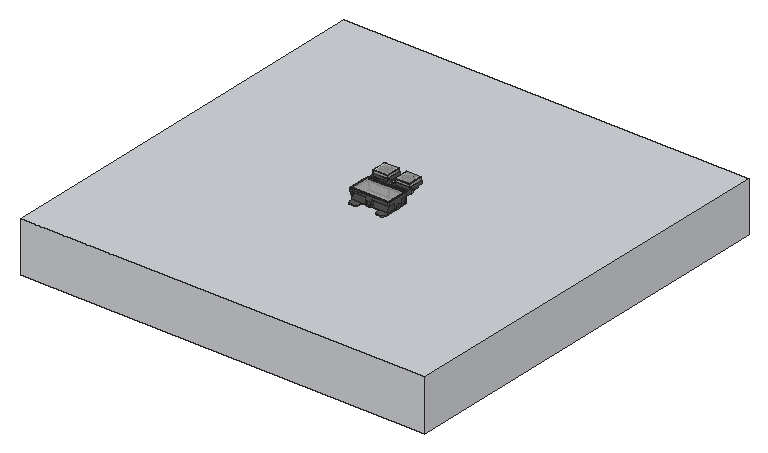
Revit family "Legrand Eclairage de Séurité_Bloc a Phare-SATI", category Luminaires, Revit 2021
Family settings
  Hôte = Face
  Cote de connecteur circulaire = Utiliser le diamètre
  Type d'élément = Normal
  Couper avec des vides une fois chargée = Non
  Source d'éclairage = Non
  Partagée = Non
  Repere pour localisation dans la piece = Non
Parameters (values of type "BAP Sati Connectable 2500 lm")
  état des accus = "Lithium-ion"
  source lumineuse = "LED non interchangeable"
  capacité des bornes = "1,5-2,5 mm2"
  URL = "https://www.legrand.fr/reference/062533/pro"
  Type de pictogramme = "autre"
  Type de connexion = "autre"
  Type de commutation = "Non permanent"
  Tension = "230 VAC"
  Temperature d'utilisation MIN-MAX = "0°C +35°C"
  Système de contrôle = "Auto-test automatique"
  Référence / Modèle = "062533"
  Puissance du système = 1 W
  Poids = ""
  Objet Connecté = no
  Mode de pose = "Montage en saillie (mur)"
  Matière = "Plastique"
  Longueur = 285.5 mm
  Long = 285.5 mm
  Largeur = 240 mm
  Large = 240 mm
  IP = "65"
  IK = "07"
  Hauteur = 93.5 mm
  Fréquence = "50/60 Hz"
  Fonction = "Éclairage d'évacuation et d'ambiance"
  Flux lumineux utile = 2500 lm
  Fabricant = "Legrand"
  Elévation par défaut = 2300 mm
  Description Produit = "BAES 2 PHARES LEDS IP65 2500 LM 1H EVACUATION / AMBIANCE SATI CONNECTABLE"
  Couleur = "Noir"
  Consommation en veille = 0 A
  Conditions Générale d'Utilisation = "https://export.legrand.com/CGU-objets-BIM"
  Code EAN = "3414972655989"
  Classe de protection = "II"
  Classe ETIM = "EC001957-Luminaire d'éclairage de sécurité"
  Batterie de rechange = "2 x 660977"
  Autonomie = "1 H"
  Alimentation de secours = "Autonome (batterie individuelle)"
  Adressable = no
  2 phares = yes
  1 phare = no
Types (4, lengths in mm): name | URL | Référence / Modèle | Puissance du système | Longueur | Long | Largeur | Large | Flux lumineux utile | Description Produit | Code EAN | Batterie de rechange | Adressable | 2 phares | 1 phare
  (no name) | "https://www.legrand.fr/reference/062533/pro" | "062533" | 1 W | 285.5 | 285.5 | 240 | 240 | 2500 lm | "BAES 2 PHARES LEDS IP65 2500 LM 1H EVACUATION / AMBIANCE SATI CONNECTABLE" | "3414972655989" | "2 x 660977" | no | yes | no
  BAP Sati Connectable 2500 lm | "https://www.legrand.fr/reference/062533/pro" | "062533" | 1 W | 285.5 | 285.5 | 240 | 240 | 2500 lm | "BAES 2 PHARES LEDS IP65 2500 LM 1H EVACUATION / AMBIANCE SATI CONNECTABLE" | "3414972655989" | "2 x 660977" | no | yes | no
  BAP Sati Adressable 1000 lm | "https://www.legrand.fr/reference/062631/pro" | "062631" | 0.8 W | 408.5 | 408.5 | 137 | 137 | 1000 lm | "BAES 1 PHARE LEDS IP65 1000 LM 1H EVACUATION / AMBIANCE SATI ADRESSABLE" | "3414972655996" | "660976" | yes | no | yes
  BAP Sati Adressable 2500 lm | "https://www.legrand.fr/reference/062633/pro" | "062633" | 1 W | 285.5 | 285.5 | 240 | 240 | 2500 lm | "BAES 2 PHARES LEDS IP65 2500 LM 1H EVACUATION / AMBIANCE SATI ADRESSABLE" | "3414972656009" | "2 x 660977" | yes | yes | no
Reference planes
  plane 1 "Centre (avant/arrière)": y = 0
  plane 2 "Connecteur": z = 0
  plane 3 "Centre (gauche/droite)": x = 0
  plane 4: y = 142.75
  plane 5: y = -142.75
  plane 6: x = -120
  plane 7: x = 120
Forms (mm)
  Extrusion 1, solid
    sketch origin (0, 0, 0) x (1, 0, 0) y (0, 1, 0)
      loop
        line (-1219.2, 1219.2) -> (-1219.2, -1219.2) -> (1219.2, -1219.2) -> (1219.2, 1219.2) -> (-1219.2, 1219.2)
    from 0 to -304.8
  Extrusion 2, solid, material "LEGRAND - Plastique noir", visible <- "1 phare"
    sketch origin (0, 0, 0) x (1, 0, 0) y (0, 1, 0)
      loop
        line (65.058, 89.327) -> (26.827, 89.327) -> (21.015, 115.516) -> (-21.015, 115.516) -> (-26.82, 89.327) -> (-65.058, 89.327) -> (-65.058, 45.28) -> (-58.5, 38.722) -> (-58.5, -23.048) -> (-51.942, -29.606) -> (-51.942, -89.488) -> (-58.5, -96.045) -> (-58.5, -157.983) -> (-65.058, -164.541) -> (-65.058, -194.25)
        arc (-65.058, -194.25) -> (-62.129, -201.321) -> (-55.058, -204.25) r 10
        line (-55.058, -204.25) -> (55.058, -204.25)
        arc (55.058, -204.25) -> (62.129, -201.321) -> (65.058, -194.25) r 10
        line (65.058, -194.25) -> (65.058, -164.541) -> (58.5, -157.983) -> (58.5, -96.045) -> (51.942, -89.488) -> (51.942, -29.606) -> (58.5, -23.048) -> (58.5, 38.722) -> (65.058, 45.28) -> (65.058, 89.327)
    from 0 to 1.498
  Extrusion 3, solid, material "LEGRAND - Plastique noir", visible <- "1 phare"
    sketch origin (0, 0, 0) x (0, 1, 0) y (0, 0, 1)
      loop
        line (-89.488, 1.497) -> (-29.605, 1.497) -> (-29.605, 2.894)
        arc (-29.605, 2.894) -> (-30.777, 5.722) -> (-33.605, 6.894) r 4
        line (-33.605, 6.894) -> (-85.488, 6.894)
        arc (-85.488, 6.894) -> (-88.316, 5.722) -> (-89.488, 2.894) r 4
        line (-89.488, 2.894) -> (-89.488, 1.497)
    from -51.942 to -50.4
  Extrusion 4, solid, material "LEGRAND - Plastique noir", visible <- "1 phare"
    sketch origin (0, 0, 0) x (0, 1, 0) y (0, 0, -1)
      loop
        line (-89.488, -1.497) -> (-89.488, -2.894)
        arc (-89.488, -2.894) -> (-88.316, -5.722) -> (-85.488, -6.894) r 4
        line (-85.488, -6.894) -> (-33.605, -6.894)
        arc (-33.605, -6.894) -> (-30.777, -5.722) -> (-29.605, -2.894) r 4
        line (-29.605, -2.894) -> (-29.605, -1.497) -> (-89.488, -1.497)
    from -51.942 to -50.4
  Extrusion 5, solid, material "LEGRAND - Plastique noir", visible <- "1 phare"
    sketch origin (0, 0, 0) x (1, 0, 0) y (0, 0, 1)
      loop
        line (-65.058, 56.477) -> (-65.058, 0) -> (-39.058, 0) -> (-39.058, 41.496) -> (39.058, 41.496) -> (39.058, 0) -> (65.058, 0) -> (65.058, 56.477)
        arc (65.058, 56.477) -> (62.129, 63.548) -> (55.058, 66.477) r 10
        line (55.058, 66.477) -> (-55.058, 66.477)
        arc (-55.058, 66.477) -> (-62.129, 63.548) -> (-65.058, 56.477) r 10
    from -89.327 to -87.8
  Extrusion 6, solid, material "LEGRAND - Plastique noir 31", visible <- "2 phares"
    sketch origin (0, 0, 0) x (1, 0, 0) y (0, 1, 0)
      loop
        arc (-15.001, 53.249) -> (-21.506, 51.504) -> (-26.265, 46.738) r 13
        line (-26.265, 46.738) -> (-40.948, 21.251) -> (-50.001, 21.251) -> (-50.001, 27.827) -> (-110.002, 27.827) -> (-110.002, -120.787) -> (-104.64, -135.514)
        arc (-104.64, -135.514) -> (-100.612, -140.761) -> (-94.304, -142.75) r 11
        line (-94.304, -142.75) -> (-69.705, -142.75)
        arc (-69.705, -142.75) -> (-63.396, -140.76) -> (-59.368, -135.511) r 11
        line (-59.368, -135.511) -> (-47.811, -103.746) -> (47.803, -103.746) -> (59.361, -135.511)
        arc (59.361, -135.511) -> (63.388, -140.76) -> (69.698, -142.75) r 11
        line (69.698, -142.75) -> (94.294, -142.75)
        arc (94.294, -142.75) -> (100.603, -140.761) -> (104.63, -135.514) r 11
        line (104.63, -135.514) -> (110, -120.766) -> (110, 27.827) -> (49.999, 27.827) -> (49.999, 21.251) -> (40.977, 21.251) -> (26.251, 46.75)
        arc (26.251, 46.75) -> (21.492, 51.508) -> (14.993, 53.249) r 13
        line (14.993, 53.249) -> (-15.001, 53.249)
    from 0 to 1.498
  Extrusion 7, solid, material "LEGRAND - Plastique noir 31", visible <- "2 phares"
    sketch origin (0, 0, 0) x (1, 0, 0) y (0, 0, 1)
      loop
        line (19, 1.498) -> (19, 3.894)
        arc (19, 3.894) -> (18.121, 6.015) -> (16, 6.894) r 3
        line (16, 6.894) -> (-16, 6.894)
        arc (-16, 6.894) -> (-18.121, 6.015) -> (-19, 3.894) r 3
        line (-19, 3.894) -> (-19, 1.498) -> (19, 1.498)
    from 102.251 to 103.746
  Extrusion 8, solid, material "LEGRAND - Plastique noir 31", visible <- "2 phares"
    sketch origin (0, 0, 0) x (1, 0, 0) y (0, 0, 1)
      loop
        line (19, 1.498) -> (19, 3.894)
        arc (19, 3.894) -> (18.121, 6.015) -> (16, 6.894) r 3
        line (16, 6.894) -> (-16, 6.894)
        arc (-16, 6.894) -> (-18.121, 6.015) -> (-19, 3.894) r 3
        line (-19, 3.894) -> (-19, 1.498) -> (19, 1.498)
    from -6.251 to -4.8
  Extrusion 9, solid, material "LEGRAND - Plastique noir 31", visible <- "2 phares"
    sketch origin (0, 0, 0) x (1, 0, 0) y (0, 0, 1)
      loop
        line (-110.002, 1.498) -> (-50.001, 1.498) -> (-50.001, 15.498) -> (-59.49, 60.14)
        arc (-59.49, 60.14) -> (-62.28, 64.694) -> (-67.315, 66.477) r 8
        line (-67.315, 66.477) -> (-92.688, 66.477)
        arc (-92.688, 66.477) -> (-97.723, 64.694) -> (-100.513, 60.14) r 8
        line (-100.513, 60.14) -> (-110.002, 15.498) -> (-110.002, 1.498)
      loop
        line (110.002, 1.498) -> (110.002, 15.498) -> (100.513, 60.14)
        arc (100.513, 60.14) -> (97.723, 64.694) -> (92.688, 66.477) r 8
        line (92.688, 66.477) -> (67.315, 66.477)
        arc (67.315, 66.477) -> (62.28, 64.694) -> (59.49, 60.14) r 8
        line (59.49, 60.14) -> (50.001, 15.498) -> (50.001, 1.498) -> (110.002, 1.498)
    from -27.827 to -26.255
  Extrusion 10, solid, material "LEGRAND - Plastique noir 31", visible <- "2 phares", not visible
    sketch origin (0, 0, 0) x (1, 0, 0) y (0, 1, 0)
      loop
        arc (-15.001, 53.249) -> (-21.506, 51.504) -> (-26.265, 46.738) r 13
        line (-26.265, 46.738) -> (-40.948, 21.251) -> (-50.001, 21.251) -> (-50.001, 27.827) -> (-110.002, 27.827) -> (-110.002, -120.787) -> (-104.64, -135.514)
        arc (-104.64, -135.514) -> (-100.612, -140.761) -> (-94.304, -142.75) r 11
        line (-94.304, -142.75) -> (-69.705, -142.75)
        arc (-69.705, -142.75) -> (-63.396, -140.76) -> (-59.368, -135.511) r 11
        line (-59.368, -135.511) -> (-47.811, -103.746) -> (47.803, -103.746) -> (59.361, -135.511)
        arc (59.361, -135.511) -> (63.388, -140.76) -> (69.698, -142.75) r 11
        line (69.698, -142.75) -> (94.294, -142.75)
        arc (94.294, -142.75) -> (100.603, -140.761) -> (104.63, -135.514) r 11
        line (104.63, -135.514) -> (110, -120.766) -> (110, 27.827) -> (49.999, 27.827) -> (49.999, 21.251) -> (40.977, 21.251) -> (26.251, 46.75)
        arc (26.251, 46.75) -> (21.492, 51.508) -> (14.993, 53.249) r 13
        line (14.993, 53.249) -> (-15.001, 53.249)
    from 0 to 1.498
  Extrusion 11, solid, material "LEGRAND - Plastique noir 31", visible <- "2 phares", not visible
    sketch origin (0, 0, 0) x (1, 0, 0) y (0, 0, 1)
      loop
        line (19, 1.498) -> (19, 3.894)
        arc (19, 3.894) -> (18.121, 6.015) -> (16, 6.894) r 3
        line (16, 6.894) -> (-16, 6.894)
        arc (-16, 6.894) -> (-18.121, 6.015) -> (-19, 3.894) r 3
        line (-19, 3.894) -> (-19, 1.498) -> (19, 1.498)
    from 102.251 to 103.746
  Extrusion 12, solid, material "LEGRAND - Plastique noir 31", visible <- "2 phares", not visible
    sketch origin (0, 0, 0) x (1, 0, 0) y (0, 0, 1)
      loop
        line (19, 1.498) -> (19, 3.894)
        arc (19, 3.894) -> (18.121, 6.015) -> (16, 6.894) r 3
        line (16, 6.894) -> (-16, 6.894)
        arc (-16, 6.894) -> (-18.121, 6.015) -> (-19, 3.894) r 3
        line (-19, 3.894) -> (-19, 1.498) -> (19, 1.498)
    from -6.251 to -4.8
  Extrusion 13, solid, material "LEGRAND - Plastique noir 31", visible <- "2 phares", not visible
    sketch origin (0, 0, 0) x (1, 0, 0) y (0, 0, 1)
      loop
        line (-110.002, 1.498) -> (-50.001, 1.498) -> (-50.001, 15.498) -> (-59.49, 60.14)
        arc (-59.49, 60.14) -> (-62.28, 64.694) -> (-67.315, 66.477) r 8
        line (-67.315, 66.477) -> (-92.688, 66.477)
        arc (-92.688, 66.477) -> (-97.723, 64.694) -> (-100.513, 60.14) r 8
        line (-100.513, 60.14) -> (-110.002, 15.498) -> (-110.002, 1.498)
      loop
        line (110.002, 1.498) -> (110.002, 15.498) -> (100.513, 60.14)
        arc (100.513, 60.14) -> (97.723, 64.694) -> (92.688, 66.477) r 8
        line (92.688, 66.477) -> (67.315, 66.477)
        arc (67.315, 66.477) -> (62.28, 64.694) -> (59.49, 60.14) r 8
        line (59.49, 60.14) -> (50.001, 15.498) -> (50.001, 1.498) -> (110.002, 1.498)
    from -27.827 to -26.255
  Extrusion 14, solid, material "LEGRAND - Plastique noir", visible <- "1 phare", not visible
    sketch origin (0, 0, 0) x (1, 0, 0) y (0, 1, 0)
      loop
        line (65.058, 89.327) -> (26.827, 89.327) -> (21.015, 115.516) -> (-21.015, 115.516) -> (-26.82, 89.327) -> (-65.058, 89.327) -> (-65.058, 45.28) -> (-58.5, 38.722) -> (-58.5, -23.048) -> (-51.942, -29.606) -> (-51.942, -89.488) -> (-58.5, -96.045) -> (-58.5, -157.983) -> (-65.058, -164.541) -> (-65.058, -194.25)
        arc (-65.058, -194.25) -> (-62.129, -201.321) -> (-55.058, -204.25) r 10
        line (-55.058, -204.25) -> (55.058, -204.25)
        arc (55.058, -204.25) -> (62.129, -201.321) -> (65.058, -194.25) r 10
        line (65.058, -194.25) -> (65.058, -164.541) -> (58.5, -157.983) -> (58.5, -96.045) -> (51.942, -89.488) -> (51.942, -29.606) -> (58.5, -23.048) -> (58.5, 38.722) -> (65.058, 45.28) -> (65.058, 89.327)
    from 0 to 1.498
  Extrusion 15, solid, material "LEGRAND - Plastique noir", visible <- "1 phare", not visible
    sketch origin (0, 0, 0) x (0, 1, 0) y (0, 0, 1)
      loop
        line (-89.488, 1.497) -> (-29.605, 1.497) -> (-29.605, 2.894)
        arc (-29.605, 2.894) -> (-30.777, 5.722) -> (-33.605, 6.894) r 4
        line (-33.605, 6.894) -> (-85.488, 6.894)
        arc (-85.488, 6.894) -> (-88.316, 5.722) -> (-89.488, 2.894) r 4
        line (-89.488, 2.894) -> (-89.488, 1.497)
    from -51.942 to -50.4
  Extrusion 16, solid, material "LEGRAND - Plastique noir", visible <- "1 phare", not visible
    sketch origin (0, 0, 0) x (0, 1, 0) y (0, 0, -1)
      loop
        line (-89.488, -1.497) -> (-89.488, -2.894)
        arc (-89.488, -2.894) -> (-88.316, -5.722) -> (-85.488, -6.894) r 4
        line (-85.488, -6.894) -> (-33.605, -6.894)
        arc (-33.605, -6.894) -> (-30.777, -5.722) -> (-29.605, -2.894) r 4
        line (-29.605, -2.894) -> (-29.605, -1.497) -> (-89.488, -1.497)
    from -51.942 to -50.4
  Extrusion 17, solid, material "LEGRAND - Plastique noir", visible <- "1 phare", not visible
    sketch origin (0, 0, 0) x (1, 0, 0) y (0, 0, 1)
      loop
        line (-65.058, 56.477) -> (-65.058, 0) -> (-39.058, 0) -> (-39.058, 41.496) -> (39.058, 41.496) -> (39.058, 0) -> (65.058, 0) -> (65.058, 56.477)
        arc (65.058, 56.477) -> (62.129, 63.548) -> (55.058, 66.477) r 10
        line (55.058, 66.477) -> (-55.058, 66.477)
        arc (-55.058, 66.477) -> (-62.129, 63.548) -> (-65.058, 56.477) r 10
    from -89.327 to -87.8
Cuts and joins
  joined: Extrusion 2, Extrusion 3, Extrusion 4, Extrusion 5
  joined: Extrusion 6, Extrusion 7, Extrusion 9
Dimensions and locks
  equal spacing: plane 4, plane 1 "Centre (avant/arrière)", plane 5
  "Long": plane 4 to plane 5
  equal spacing: plane 6, plane 3 "Centre (gauche/droite)", plane 7
  "Large": plane 6 to plane 7
  aligned and locked: plane 2 "Connecteur" to Extrusion 1
  aligned and locked: level to Extrusion 1
Automatic sketch dimensions
  Extrusion 2 sketch curve to Extrusion 2 sketch curve = 6.558 mm  (x14)
  Extrusion 2 sketch curve to Extrusion 2 sketch curve = 5.812 mm
  Extrusion 2 sketch curve to Extrusion 2 sketch curve = 29.709 mm  (x2)
  Extrusion 2 sketch curve to Extrusion 2 sketch curve = 61.938 mm  (x2)
  Extrusion 2 sketch curve to Extrusion 2 sketch curve = 44.048 mm  (x2)
  Extrusion 2 sketch curve to Extrusion 2 sketch curve = 26.189 mm
  Extrusion 3 sketch curve to Extrusion 3 sketch curve = 4 mm  (x2)
  Extrusion 4 sketch curve to Extrusion 4 sketch curve = 4 mm  (x2)
  Extrusion 5 sketch curve to Extrusion 5 sketch curve = 26 mm  (x2)
  Extrusion 5 sketch curve to Extrusion 5 sketch curve = 41.496 mm  (x2)
  Extrusion 5 sketch curve to Extrusion 5 sketch curve = 14.981 mm
  Extrusion 5 sketch curve to Extrusion 5 sketch curve = 10 mm
  Extrusion 2 sketch curve to Extrusion 2 sketch curve = 0 mm
  Extrusion 2 sketch curve to Extrusion 2 sketch curve = 10 mm  (x2)
  Extrusion 2 sketch curve to Extrusion 2 sketch curve = 38.238 mm
  Extrusion 2 sketch curve to Extrusion 2 sketch curve = 5.805 mm
  Extrusion 2 sketch curve to Extrusion 2 sketch curve = 42.03 mm
  Extrusion 2 sketch curve to Extrusion 2 sketch curve = 103.885 mm
  Extrusion 2 sketch curve to Extrusion 2 sketch curve = 3.442 mm
  Extrusion 2 sketch curve to Extrusion 2 sketch curve = 59.882 mm  (x2)
  Extrusion 2 sketch curve to Extrusion 2 sketch curve = 61.77 mm  (x2)
  Extrusion 3 sketch curve to Extrusion 3 sketch curve = 51.883 mm
  Extrusion 3 sketch curve to Extrusion 3 sketch curve = 1.397 mm
  Extrusion 4 sketch curve to Extrusion 4 sketch curve = 51.883 mm
  Extrusion 4 sketch curve to Extrusion 4 sketch curve = 1.397 mm
  Extrusion 5 sketch curve to Extrusion 5 sketch curve = 78.115 mm
  Extrusion 5 sketch curve to Extrusion 5 sketch curve = 16 mm
  Extrusion 1 sketch curve to Extrusion 1 sketch curve = 2438.4 mm  (x2)
  Extrusion 6 sketch curve to Extrusion 6 sketch curve = 24.598 mm
  Extrusion 6 sketch curve to Extrusion 6 sketch curve = 11.558 mm  (x2)
  Extrusion 6 sketch curve to Extrusion 6 sketch curve = 9.053 mm
  Extrusion 6 sketch curve to Extrusion 6 sketch curve = 11.264 mm
  Extrusion 6 sketch curve to Extrusion 6 sketch curve = 11.257 mm
  Extrusion 6 sketch curve to Extrusion 6 sketch curve = 14.726 mm
  Extrusion 6 sketch curve to Extrusion 6 sketch curve = 9.022 mm
  Extrusion 6 sketch curve to Extrusion 6 sketch curve = 10.337 mm  (x2)
  Extrusion 6 sketch curve to Extrusion 6 sketch curve = 24.596 mm
  Extrusion 6 sketch curve to Extrusion 6 sketch curve = 14.727 mm
  Extrusion 6 sketch curve to Extrusion 6 sketch curve = 14.748 mm
  Extrusion 6 sketch curve to Extrusion 6 sketch curve = 6.576 mm  (x2)
  Extrusion 6 sketch curve to Extrusion 6 sketch curve = 18.997 mm
  Extrusion 6 sketch curve to Extrusion 6 sketch curve = 0 mm  (x3)
  Extrusion 6 sketch curve to Extrusion 6 sketch curve = 6.489 mm
  Extrusion 7 sketch curve to Extrusion 7 sketch curve = 3 mm  (x2)
  Extrusion 8 sketch curve to Extrusion 8 sketch curve = 3 mm  (x2)
  Extrusion 6 sketch curve to Extrusion 6 sketch curve = 31.765 mm
  Extrusion 9 sketch curve to Extrusion 9 sketch curve = 7.825 mm  (x4)
  Extrusion 9 sketch curve to Extrusion 9 sketch curve = 9.489 mm  (x4)
  Extrusion 9 sketch curve to Extrusion 9 sketch curve = 25.373 mm  (x2)
  Extrusion 9 sketch curve to Extrusion 9 sketch curve = 14 mm  (x4)
  Extrusion 9 sketch curve to Extrusion 9 sketch curve = 42.979 mm  (x2)
  Extrusion 9 sketch curve to Extrusion 9 sketch curve = 0 mm  (x3)
  Extrusion 9 sketch curve to Extrusion 9 sketch curve = 1.663 mm  (x2)
  Extrusion 6 sketch curve to Extrusion 6 sketch curve = 5.362 mm
  Extrusion 6 sketch curve to Extrusion 6 sketch curve = 10.336 mm  (x2)
  Extrusion 6 sketch curve to Extrusion 6 sketch curve = 60.002 mm
  Extrusion 6 sketch curve to Extrusion 6 sketch curve = 14.683 mm
  Extrusion 6 sketch curve to Extrusion 6 sketch curve = 29.994 mm
  Extrusion 6 sketch curve to Extrusion 6 sketch curve = 95.613 mm
  Extrusion 6 sketch curve to Extrusion 6 sketch curve = 60.001 mm
  Extrusion 6 sketch curve to Extrusion 6 sketch curve = 7.236 mm  (x2)
  Extrusion 6 sketch curve to Extrusion 6 sketch curve = 7.239 mm  (x2)
  Extrusion 6 sketch curve to Extrusion 6 sketch curve = 124.998 mm
  Extrusion 7 sketch curve to Extrusion 7 sketch curve = 32 mm
  Extrusion 7 sketch curve to Extrusion 7 sketch curve = 2.396 mm
  Extrusion 8 sketch curve to Extrusion 8 sketch curve = 32 mm
  Extrusion 8 sketch curve to Extrusion 8 sketch curve = 2.396 mm
  Extrusion 9 sketch curve to Extrusion 9 sketch curve = 100.001 mm
  Extrusion 10 sketch curve to Extrusion 10 sketch curve = 24.598 mm
  Extrusion 10 sketch curve to Extrusion 10 sketch curve = 11.558 mm  (x2)
  Extrusion 10 sketch curve to Extrusion 10 sketch curve = 9.053 mm
  Extrusion 10 sketch curve to Extrusion 10 sketch curve = 11.264 mm
  Extrusion 10 sketch curve to Extrusion 10 sketch curve = 11.257 mm
  Extrusion 10 sketch curve to Extrusion 10 sketch curve = 14.726 mm
  Extrusion 10 sketch curve to Extrusion 10 sketch curve = 9.022 mm
  Extrusion 10 sketch curve to Extrusion 10 sketch curve = 10.337 mm  (x2)
  Extrusion 10 sketch curve to Extrusion 10 sketch curve = 24.596 mm
  Extrusion 10 sketch curve to Extrusion 10 sketch curve = 14.727 mm
  Extrusion 10 sketch curve to Extrusion 10 sketch curve = 14.748 mm
  Extrusion 10 sketch curve to Extrusion 10 sketch curve = 6.576 mm  (x2)
  Extrusion 10 sketch curve to Extrusion 10 sketch curve = 18.997 mm
  Extrusion 10 sketch curve to Extrusion 10 sketch curve = 0 mm  (x3)
  Extrusion 10 sketch curve to Extrusion 10 sketch curve = 6.489 mm
  Extrusion 11 sketch curve to Extrusion 11 sketch curve = 3 mm  (x2)
  Extrusion 12 sketch curve to Extrusion 12 sketch curve = 3 mm  (x2)
  Extrusion 10 sketch curve to Extrusion 10 sketch curve = 31.765 mm
  Extrusion 13 sketch curve to Extrusion 13 sketch curve = 7.825 mm  (x4)
  Extrusion 13 sketch curve to Extrusion 13 sketch curve = 9.489 mm  (x4)
  Extrusion 13 sketch curve to Extrusion 13 sketch curve = 25.373 mm  (x2)
  Extrusion 13 sketch curve to Extrusion 13 sketch curve = 14 mm  (x4)
  Extrusion 13 sketch curve to Extrusion 13 sketch curve = 42.979 mm  (x2)
  Extrusion 13 sketch curve to Extrusion 13 sketch curve = 0 mm  (x3)
  Extrusion 13 sketch curve to Extrusion 13 sketch curve = 1.663 mm  (x2)
  Extrusion 10 sketch curve to Extrusion 10 sketch curve = 5.362 mm
  Extrusion 10 sketch curve to Extrusion 10 sketch curve = 10.336 mm  (x2)
  Extrusion 10 sketch curve to Extrusion 10 sketch curve = 60.002 mm
  Extrusion 10 sketch curve to Extrusion 10 sketch curve = 14.683 mm
  Extrusion 10 sketch curve to Extrusion 10 sketch curve = 29.994 mm
  Extrusion 10 sketch curve to Extrusion 10 sketch curve = 95.613 mm
  Extrusion 10 sketch curve to Extrusion 10 sketch curve = 60.001 mm
  Extrusion 10 sketch curve to Extrusion 10 sketch curve = 7.236 mm  (x2)
  Extrusion 10 sketch curve to Extrusion 10 sketch curve = 7.239 mm  (x2)
  Extrusion 10 sketch curve to Extrusion 10 sketch curve = 124.998 mm
  Extrusion 11 sketch curve to Extrusion 11 sketch curve = 32 mm
  Extrusion 11 sketch curve to Extrusion 11 sketch curve = 2.396 mm
  Extrusion 12 sketch curve to Extrusion 12 sketch curve = 32 mm
  Extrusion 12 sketch curve to Extrusion 12 sketch curve = 2.396 mm
  Extrusion 13 sketch curve to Extrusion 13 sketch curve = 100.001 mm
  Extrusion 14 sketch curve to Extrusion 14 sketch curve = 6.558 mm  (x14)
  Extrusion 14 sketch curve to Extrusion 14 sketch curve = 5.812 mm
  Extrusion 14 sketch curve to Extrusion 14 sketch curve = 29.709 mm  (x2)
  Extrusion 14 sketch curve to Extrusion 14 sketch curve = 61.938 mm  (x2)
  Extrusion 14 sketch curve to Extrusion 14 sketch curve = 44.048 mm  (x2)
  Extrusion 14 sketch curve to Extrusion 14 sketch curve = 26.189 mm
  Extrusion 15 sketch curve to Extrusion 15 sketch curve = 4 mm  (x2)
  Extrusion 16 sketch curve to Extrusion 16 sketch curve = 4 mm  (x2)
  Extrusion 17 sketch curve to Extrusion 17 sketch curve = 26 mm  (x2)
  Extrusion 17 sketch curve to Extrusion 17 sketch curve = 41.496 mm  (x2)
  Extrusion 17 sketch curve to Extrusion 17 sketch curve = 14.981 mm
  Extrusion 17 sketch curve to Extrusion 17 sketch curve = 10 mm
  Extrusion 14 sketch curve to Extrusion 14 sketch curve = 0 mm
  Extrusion 14 sketch curve to Extrusion 14 sketch curve = 10 mm  (x2)
  Extrusion 14 sketch curve to Extrusion 14 sketch curve = 38.238 mm
  Extrusion 14 sketch curve to Extrusion 14 sketch curve = 5.805 mm
  Extrusion 14 sketch curve to Extrusion 14 sketch curve = 42.03 mm
  Extrusion 14 sketch curve to Extrusion 14 sketch curve = 103.885 mm
  Extrusion 14 sketch curve to Extrusion 14 sketch curve = 3.442 mm
  Extrusion 14 sketch curve to Extrusion 14 sketch curve = 59.882 mm  (x2)
  Extrusion 14 sketch curve to Extrusion 14 sketch curve = 61.77 mm  (x2)
  Extrusion 15 sketch curve to Extrusion 15 sketch curve = 51.883 mm
  Extrusion 15 sketch curve to Extrusion 15 sketch curve = 1.397 mm
  Extrusion 16 sketch curve to Extrusion 16 sketch curve = 51.883 mm
  Extrusion 16 sketch curve to Extrusion 16 sketch curve = 1.397 mm
  Extrusion 17 sketch curve to Extrusion 17 sketch curve = 78.115 mm
  Extrusion 17 sketch curve to Extrusion 17 sketch curve = 16 mm
Nested families
  nested 1: "Phare" at (0, 159.782, 36.3), visible <- "1 phare", type "Phare"
  nested 2: "Pas de picto" at (0, 0, 52.5) x (-1, 0, 0) z (0, -1, 0), type "Pas de picto"
  nested 3: "Bloc" at (0, -59.77, 6.894), visible <- "1 phare", type "Bloc"
  nested 4: "Phare" at (-65.969, 98.282, 36.3), visible <- "2 phares", type "Phare"
  nested 5: "Bloc" at (0, -48.751, 6.894) x (0, 1, 0) z (0, 0, 1), visible <- "2 phares", type "Bloc"
  nested 6: "Phare" at (65.969, 98.282, 36.3) x (-1, 0, 0) z (0, 0, 1), visible <- "2 phares", type "Phare"
Connectors
  electrical at (0, 0, 0)
    settings: index 1, voltage 0 V, apparent load 0 VA, apparent load phase1 0 VA, apparent load phase2 0 VA, apparent load phase3 0 VA, power factor 1, load classification "Autre", number of poles 1, system type 31, power factor state 1, is connector primary yes, connector utility no, sub classification motor no, connector description ""
Definition of nested family "Phare"
  Parameters (values of type "Phare1")
    URL = "IDS_URL_EXPORT"
    IDS_TYPE_ACCESSOIRE = "IDS_BOITIER_PROTECTION"
    IDS_DESIGNATION_PRODUIT = "IDS_ACCESSOIRE_COFFRET_ETANCHE_IP65_POUR_BAES_U22RECT"
    Manufacturer = "LEGRAND"
    Default Elevation = 0 mm
  Reference planes
    plane 1 "Centre (avant/arrière)": y = 0
    plane 2: z = 0
    plane 3 "Centre (gauche/droite)": x = 0
    plane 4: z = 57.16
    plane 5: z = 37.672
    plane 6: z = 22.181
    plane 7: x = -44.472
    plane 8: x = 44.466
    plane 9: y = 44.468
    plane 10: y = -44.468
    plane 11: z = 55.16
    plane 12: x = 31.366
    plane 13: x = -31.366
    plane 14: y = -70.455
    plane 15: x = -59.962
    plane 16: x = 53.963
  Forms (mm)
    Extrusion 1, solid
      sketch origin (0, 0, 0) x (1, 0, 0) y (0, 1, 0)
        loop
          line (-44.472, 44.468) -> (-44.472, -44.468) -> (44.466, -44.468) -> (44.466, 44.468) -> (-44.472, 44.468)
      from 22.181 to 37.672
    Extrusion 2, solid
      sketch origin (0, 0, 0) x (1, 0, 0) y (0, 1, 0)
        loop
          line (-44.472, 44.468) -> (-44.472, -44.468) -> (44.466, -44.468) -> (44.466, 44.468) -> (-44.472, 44.468)
      from 55.16 to 57.16
    Extrusion 3, solid
      sketch origin (0, 0, 0) x (1, 0, 0) y (0, 1, 0)
        loop
          line (-37.472, 37.468) -> (-37.472, -37.468) -> (37.466, -37.468) -> (37.466, 37.468) -> (-37.472, 37.468)
      from 37.672 to 52.166
    Extrusion 4, solid
      sketch origin (0, 0, 0) x (1, 0, 0) y (0, 1, 0)
        loop
          line (-44.472, 44.468) -> (-44.472, -44.468) -> (44.466, -44.468) -> (44.466, 44.468) -> (-44.472, 44.468)
        loop
          line (42.466, 42.468) -> (-42.472, 42.468) -> (-42.472, -42.468) -> (42.466, -42.468) -> (42.466, 42.468)
      from 37.672 to 55.16
    Extrusion 5, solid
      sketch origin (0, 0, 0) x (1, 0, 0) y (0, 1, 0)
        loop
          circle (0, 22.622) r 13
        loop
          circle (-22.625, -0.003) r 13
        loop
          circle (0, -22.622) r 13
        loop
          circle (22.625, -0.003) r 13
      from 52.166 to 52.5
    Extrusion 6, solid
      sketch origin (0, 3.2, 0) x (0, 1, 0) y (0, 0, 1)
        loop
          line (-33.528, 22.181) -> (-33.528, 0) -> (31.371, 0) -> (31.371, 22.181) -> (-33.528, 22.181)
      from -31.366 to 31.224
    Extrusion 7, solid
      sketch origin (0, 0, 0) x (0, -1, 0) y (0, 0, -1)
        loop
          line (35.977, -30.177) -> (70.455, -30.177) -> (70.455, -5.196) -> (35.977, -5.196)
          arc (35.977, -5.196) -> (23.487, -17.687) -> (35.977, -30.177) r 12.49
      from 48.463 to 49.965
    Extrusion 8, solid
      sketch origin (0, 0, 0) x (0, -1, 0) y (0, 0, 1)
        loop
          arc (35.977, 30.177) -> (23.487, 17.687) -> (35.977, 5.196) r 12.49
          line (35.977, 5.196) -> (70.455, 5.196) -> (70.455, 30.177) -> (35.977, 30.177)
      from 48.463 to 49.965
    Extrusion 9, solid
      sketch origin (0, 1.495, 0) x (0, 1, 0) y (0, 0, 1)
        loop
          line (-70.455, 30.177) -> (-71.949, 30.177) -> (-71.949, 5.235) -> (-70.455, 5.235) -> (-70.455, 30.177)
      from -49.965 to 49.965
    Extrusion 10, solid
      sketch origin (0, 0, 0) x (0, 1, 0) y (0, 0, 1)
        loop
          line (-41.053, 17.683) -> (-41.053, 14.626) -> (-35.977, 11.896) -> (-30.901, 14.626) -> (-30.901, 17.683) -> (-30.901, 20.74) -> (-35.977, 23.471) -> (-41.053, 20.74) -> (-41.053, 17.683)
      from 44.254 to 53.963
    Extrusion 11, solid
      sketch origin (0, 0, 0) x (0, 1, 0) y (0, 0, -1)
        loop
          line (-41.053, -17.683) -> (-41.053, -20.74) -> (-35.977, -23.471) -> (-30.901, -20.74) -> (-30.901, -17.683) -> (-30.901, -14.626) -> (-35.977, -11.896) -> (-41.053, -14.626) -> (-41.053, -17.683)
      from 44.254 to 53.963
    Extrusion 12, solid
      sketch origin (0, 0, 0) x (1, 0, 0) y (0, 1, 0)
        loop
          line (-48.463, -42.468) -> (-48.463, -44.468) -> (48.463, -44.468) -> (48.463, -42.468) -> (-48.463, -42.468)
      from 22.181 to 37.672
  Cuts and joins
    joined: Extrusion 7, Extrusion 8, Extrusion 9
    joined: Extrusion 1, Extrusion 12
  Dimensions and locks
    plane 10 to plane 1 "Centre (avant/arrière)" to plane 9 = 44.468 mm, 44.468 mm
    plane 7 to plane 3 "Centre (gauche/droite)" to plane 8 = 44.472 mm, 44.466 mm
    aligned and locked: level to plane 2
Definition of nested family "Bloc"
  Parameters (values of type "Bloc")
    URL = "IDS_URL_EXPORT"
    IDS_TYPE_ACCESSOIRE = "IDS_BOITIER_PROTECTION"
    IDS_DESIGNATION_PRODUIT = "IDS_ACCESSOIRE_COFFRET_ETANCHE_IP65_POUR_BAES_U22RECT"
    Manufacturer = "LEGRAND"
    Default Elevation = 0 mm
  Reference planes
    plane 1 "Centre (avant/arrière)": y = 0
    plane 2: z = 0
    plane 3 "Centre (gauche/droite)": x = 0
  Forms (mm)
    Sweep 1, solid
      path origin (0, 0, 0) x (0, -1, 0) y (1, 0, 0)
        loop
          line (-112.868, 68.5) -> (-120, 61.368) -> (-120, -61.368) -> (-112.868, -68.5) -> (112.876, -68.5) -> (120, -61.376) -> (120, 61.376) -> (112.876, 68.5) -> (-112.868, 68.5)
      profile origin (68.5, -0.004, 0) x (1, 0, 0) y (0, 0, 1)
        loop
          line (-2, 60) -> (-2, 47.304) -> (-7.625, 47.304) -> (-7.625, 45.304) -> (0, 45.304) -> (0, 60) -> (-2, 60)
    Extrusion 2, solid
      sketch origin (0, 0, 0) x (0, -1, 0) y (1, 0, 0)
        loop
          line (-105.941, 59.5) -> (-108.342, 61.9)
          arc (-108.342, 61.9) -> (-112.24, 62.676) -> (-114.448, 59.371) r 3.577
          arc (-114.448, 59.371) -> (-114.176, 58.002) -> (-113.4, 56.842) r 3.577
          line (-113.4, 56.842) -> (-111, 54.441) -> (-111, -54.441) -> (-113.4, -56.842)
          arc (-113.4, -56.842) -> (-114.176, -58.002) -> (-114.448, -59.371) r 3.577
          arc (-114.448, -59.371) -> (-112.24, -62.676) -> (-108.342, -61.9) r 3.577
          line (-108.342, -61.9) -> (-105.941, -59.5) -> (105.941, -59.5) -> (108.342, -61.9)
          arc (108.342, -61.9) -> (112.24, -62.676) -> (114.448, -59.371) r 3.577
          arc (114.448, -59.371) -> (114.176, -58.002) -> (113.4, -56.842) r 3.577
          line (113.4, -56.842) -> (111, -54.441) -> (111, 54.441) -> (113.484, 56.925)
          arc (113.484, 56.925) -> (114.195, 58.053) -> (114.443, 59.363) r 3.577
          arc (114.443, 59.363) -> (112.235, 62.668) -> (108.335, 61.894) r 3.577
          line (108.335, 61.894) -> (105.941, 59.5) -> (-105.941, 59.5)
      from 54.647 to 60
    Extrusion 3, solid
      sketch origin (0.178, -0.178, 0) x (0, -1, 0) y (1, 0, 0)
        loop
          circle (-111.049, 59.193) r 2.577
      from 47.304 to 60.2
    Extrusion 4, solid
      sketch origin (0.17, 0.182, 0) x (0, 1, 0) y (-1, 0, 0)
        loop
          circle (-111.049, -59.193) r 2.577
      from 47.304 to 60.2
    Extrusion 5, solid
      sketch origin (-0.178, 0.178, 0) x (0, 1, 0) y (-1, 0, 0)
        loop
          circle (-111.049, 59.193) r 2.577
      from 47.304 to 60.2
    Extrusion 6, solid
      sketch origin (-0.178, -0.178, 0) x (0, -1, 0) y (1, 0, 0)
        loop
          circle (-111.049, -59.193) r 2.577
      from 47.304 to 60.2
    Extrusion 7, solid
      sketch origin (0, 0, 0) x (1, 0, 0) y (0, 0, 1)
        loop
          line (20, 20) -> (20, 45.304) -> (-20, 45.304) -> (-20, 20)
          arc (-20, 20) -> (0, 0) -> (20, 20) r 20
      from 107.725 to 120
    Extrusion 8, solid
      sketch origin (0, 0, 0) x (0, -1, 0) y (0, 0, 1)
        loop
          line (117.15, 47.304) -> (-117.15, 47.304) -> (-107.981, 0) -> (107.981, 0) -> (117.15, 47.304)
      from -60.875 to 60.875
    Extrusion 9, void
      sketch origin (0, 0, 0) x (0, -1, 0) y (0, 0, 1)
        loop
          line (-98.963, 2) -> (98.963, 2) -> (108, 50.429) -> (-108, 50.429) -> (-98.963, 2)
      from -58.5 to 58.5
    Extrusion 10, solid
      sketch origin (0, 0, 0) x (1, 0, 0) y (0, 0, -1)
        loop
          arc (20, -20) -> (0, 0) -> (-20, -20) r 20
          line (-20, -20) -> (-20, -45.304) -> (20, -45.304) -> (20, -20)
      from 107.725 to 120
    Extrusion 11, void
      sketch origin (0, 0, 0) x (1, 0, 0) y (0, 0, 1)
        loop
          circle (0, 20) r 13
      from 118 to 122.328
    Extrusion 12, void
      sketch origin (0, 0, 0) x (1, 0, 0) y (0, 0, -1)
        loop
          circle (0, -20) r 13
      from 118 to 122.328
    Extrusion 13, solid
      sketch origin (0, 0, 0) x (0, -1, 0) y (0, 0, 1)
        loop
          arc (-20, 20) -> (0, 0) -> (20, 20) r 20
          line (20, 20) -> (20, 45.304) -> (-20, 45.304) -> (-20, 20)
      from 60.875 to 68.5
    Extrusion 14, void
      sketch origin (0, 0, 0) x (0, -1, 0) y (0, 0, 1)
        loop
          circle (0, 20) r 13
      from 66.5 to 70.125
    Extrusion 15, solid
      sketch origin (0, 0, 0) x (0, -1, 0) y (0, 0, -1)
        loop
          line (-20, -20) -> (-20, -45.304) -> (20, -45.304) -> (20, -20)
          arc (20, -20) -> (0, 0) -> (-20, -20) r 20
      from 60.875 to 68.5
    Extrusion 16, void
      sketch origin (0, 0, 0) x (0, -1, 0) y (0, 0, -1)
        loop
          circle (0, -20) r 13
      from 66.5 to 70.125
  Cuts and joins
    Extrusion 12, Extrusion 16 cuts Sweep 1
    Extrusion 11, Extrusion 12, Extrusion 16 cuts Extrusion 7
    Extrusion 9, Extrusion 12, Extrusion 16 cuts Extrusion 8
    Extrusion 12, Extrusion 16 cuts Extrusion 10
    Extrusion 14, Extrusion 16 cuts Extrusion 13
    Extrusion 16 cuts Extrusion 15
    joined: Sweep 1, Extrusion 7, Extrusion 8, Extrusion 10, Extrusion 13, Extrusion 15
  Dimensions and locks
    cut or joined group 1 (Sweep 1, Extrusion 7, Extrusion 8, Extrusion 9, Extrusion 10, Extrusion 11, Extrusion 12, Extrusion 13, Extrusion 14, Extrusion 15, Extrusion 16) to cut or joined group 1 = 238 mm
    aligned and locked: level to plane 2
Definition of nested family "Pas de picto"
  Reference planes
    plane 1 "Centre (avant/arrière)": y = 0
    plane 2: z = 0
    plane 3 "Centre (gauche/droite)": x = 0
  Lines and regions (mm)
    Filled region 1, type "NOIR", in view "Niveau de réf."
      outline origin (0, 0, 0) x (1, 0, 0) y (0, 1, 0)
        loop
          line (103, 52.5) -> (-103, 52.5) -> (-103, -52.5) -> (103, -52.5) -> (103, 52.5)
        loop
          line (98, 47.5) -> (-98, 47.5) -> (-98, -47.5) -> (98, -47.5) -> (98, 47.5)
    model lines, in view "Niveau de réf."
      curve 1: line (103, -52.5, 0) -> (103, 52.5, 0)
      curve 2: line (103, 52.5, 0) -> (-103, 52.5, 0)
      curve 3: line (-103, 52.5, 0) -> (-103, -52.5, 0)
      curve 4: line (-103, -52.5, 0) -> (103, -52.5, 0)
    detail lines, in view "Niveau de réf."
      curve 5: line (98, 47.5, 0) -> (-98, 47.5, 0)
      curve 6: line (-98, 47.5, 0) -> (-98, -47.5, 0)
      curve 7: line (-98, -47.5, 0) -> (98, -47.5, 0)
      curve 8: line (98, -47.5, 0) -> (98, 47.5, 0)
